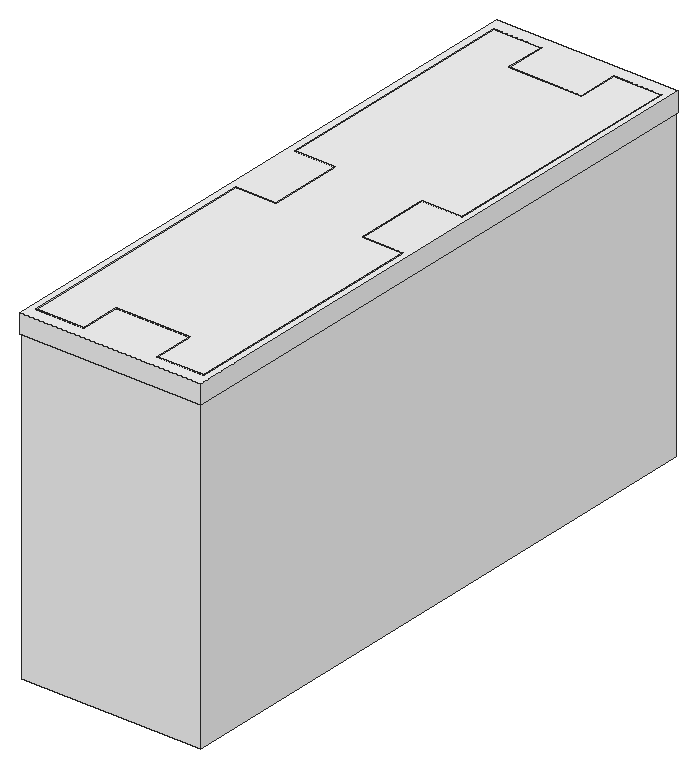
Revit family "NBS_CordekLtd_DschrgeAndVntltngStackTrmntns_GroundLevelVentBox-CGV-021", category Specialty Equipment, Revit 2014
Parameters (values of type "CGV-021")
  Width = 150.00 mm
  Weight = "n/a"
  WarrantyStartDate [instance] = "1900-12-31T23:59:59"
  WarrantyGuarantorParts = "n/a"
  WarrantyGuarantorLabor = "n/a"
  WarrantyDurationUnit = "year"
  WarrantyDurationParts = "n/a"
  WarrantyDurationLabor = "n/a"
  WarrantyDescription = "n/a"
  Version = "1"  # constant formula
  VentBoxMaterial = NBS_Concept
  VentBoxLidMaterial = NBS_Concept_Perforated
  Uniclass2015Version = "Products v1.1"  # constant formula
  Uniclass2015Reference = "Pr_65_52_61_23"
  Uniclass2015Description = "Discharge and ventilating stack terminations"
  Uniclass2 = "90-62-24/422"
  TagNumber [instance] = "n/a"
  SustainabilityPerformance = "n/a"
  Size = "500 x 150 x 275 mm"
  Shape = "Rectangular"
  SerialNumber [instance] = "n/a"
  Revision = "n/a"
  ReplacementCost = "n/a"
  Reference = "n/a"
  ProductInformation = "www.cordek.com/uploads/data_sheets/M-DS32_ground_level_vent_box_data_sheet_v2_cordek.pdf"
  NominalWidth = Width  # 150.00 mm
  NominalLength = Length  # 500.00 mm
  NominalHeight = Height  # 275.00 mm
  Name = "DischargeAndVentilatingStackTerminations_GroundLevelVentBox-CGV-021_CordekLtd"
  NBSTypeID = "n/a"
  NBSReference = "90-10-60/437"
  NBSOfficeMasterTag = "n/a"
  NBSNote = "n/a"
  NBSDescription = "Discharge and ventilating stack terminations"
  NBSCertification = "http://www.nationalbimlibrary.com/cert/swncgm4l"
  ModelReference = "Ground Level Vent Box - CGV-021"
  ModelNumber = "CGV-021"
  Material = "Lid: Galvanized steel"
  ManufacturerURL = "www.cordek.com"
  ManufacturerName = "Cordek Ltd"  # constant formula
  Manufacturer = "info@cordek.com"  # constant formula
  Length = 500.00 mm
  InstallationDate [instance] = "1900-12-31T23:59:59"
  IfcExportType = "NOTDEFINED"  # constant formula
  IfcExportAs = "IfcStackTerminalType"  # constant formula
  Height = 275.00 mm
  Grade = "n/a"
  FreeAirFlow = "5994 mm²"
  Finish = "n/a"
  Features = "Side connection into vent box prevents surface water from entering the gas inlet, base connection to stormwater collection, land drainage or soakaway system, removable mesh over drain outlet to prevent blockage by debris"
  ExpectedLife = "n/a"
  DurationUnit = "year"
  Description = "Ground level vent box with galvanized steel perforated lid"
  Constituents = "n/a"
  ConnectionSizes = "Gas inlet: 110 mm; Water outlet: 110 mm"
  ColourOptions = "n/a"
  Color = "n/a"
  CodePerformance = "n/a"
  Category = "Pr_65_52_61_23:Discharge and ventilating stack terminations"
  BarCode [instance] = "n/a"
  BIMObjectName = "NBS_CordekLtd_DischargeAndVentilatingStackTerminations_GroundLevelVentBox-CGV-021"
  Author = "NBS"  # constant formula
  AssetType = "Fixed"
  AssetIdentifier [instance] = "n/a"
  Arrangement = "Ground level vent box with perforated lid"
  Accessories = "n/a"
  AccessibilityPerformance = "n/a"
Reference planes
  plane 1 "Center (Front/Back)": y = 0
  plane 2: z = 0
  plane 3 "Center (Left/Right)": x = 0
  plane 4: y = -364
  plane 5: z = -110
  plane 6 "Back": y = -504
  plane 7 "Front": y = -4
  plane 8 "Left": x = -75
  plane 9 "Right": x = 75
  plane 10: z = -275
  plane 11: y = -254
Forms (mm)
  Extrusion 1, solid, material "NBS_Concept" <- "VentBoxMaterial"
    sketch origin (0, 0, 0) x (1, 0, 0) y (0, 1, 0)
      loop
        line (-75, -6) -> (-75, -504) -> (75, -504) -> (75, -6) -> (73, -6) -> (73, -502) -> (-73, -502) -> (-73, -6) -> (-75, -6)
    from -275 to -15
  Extrusion 2, solid, material "NBS_Concept" <- "VentBoxMaterial"
    sketch origin (0, 0, 0) x (1, 0, 0) y (0, 1, 0)
      loop
        line (-73, -6) -> (-73, -502) -> (73, -502) -> (73, -6) -> (-73, -6)
      loop
        circle (0, -364) r 52.5
    from -275 to -273
  Revolve 3, solid, material "NBS_Concept" <- "VentBoxMaterial", detail levels fine
    sketch origin (0, 0, 0) x (0, 1, 0) y (0, 0, 1)
      loop
        line (-309, -275) -> (-311.5, -275) -> (-311.5, -279) -> (-309, -279) -> (-309, -275)
      axis (-364, -275) -> (-364, -279)
    angle from 0 to 360
  Revolve 4, solid, material "NBS_Concept" <- "VentBoxMaterial", detail levels fine
    sketch origin (0, 0, 0) x (0, 1, 0) y (0, 0, 1)
      loop
        line (0, -55) -> (-4, -55) -> (-4, -57.5) -> (0, -57.5) -> (0, -55)
      axis (-4, -110) -> (0, -110)
    angle from 0 to 360
  Extrusion 5, solid, material "NBS_Concept" <- "VentBoxMaterial"
    sketch origin (0, 0, 0) x (1, 0, 0) y (0, 0, 1)
      loop
        line (-75, -15) -> (-75, -275) -> (75, -275) -> (75, -15) -> (-75, -15)
      loop
        circle (0, -110) r 52.5
    from 4 to 6
  Extrusion 6, solid, material "NBS_Concept" <- "VentBoxMaterial", detail levels fine
    sketch origin (0, 0, 0) x (1, 0, 0) y (0, 1, 0)
      loop
        line (-76, -3) -> (-76, -505) -> (76, -505) -> (76, -3) -> (-76, -3)
      loop
        line (75, -504) -> (75, -4) -> (-75, -4) -> (-75, -504) -> (75, -504)
    from 0 to -15
  Extrusion 7, solid, material "NBS_Concept" <- "VentBoxMaterial", detail levels coarse+medium
    sketch origin (0, 0, 0) x (1, 0, 0) y (0, 1, 0)
      loop
        line (-76, -3) -> (-76, -505) -> (76, -505) -> (76, -3) -> (-76, -3)
    from -15 to 1
  Extrusion 8, solid, material "NBS_Concept_Perforated" <- "VentBoxLidMaterial", detail levels fine
    sketch origin (0.513, 0, 0) x (1, 0, 0) y (0, 1, 0)
      loop
        line (-71.013, -13) -> (-71.013, -223) -> (-37.013, -223) -> (-37.013, -285) -> (-71.013, -285) -> (-71.013, -495) -> (-31.013, -495) -> (-31.013, -461) -> (30.987, -461) -> (30.987, -495) -> (69.987, -495) -> (69.987, -285) -> (35.987, -285) -> (35.987, -223) -> (69.987, -223) -> (69.987, -13) -> (29.987, -13) -> (29.987, -47) -> (-31.013, -47) -> (-31.013, -13) -> (-71.013, -13)
    from 0 to 1
  Extrusion 9, solid, material "NBS_Concept" <- "VentBoxMaterial", detail levels fine
    sketch origin (0, 0, 0) x (1, 0, 0) y (0, 1, 0)
      loop
        line (-76, -3) -> (-76, -505) -> (76, -505) -> (76, -3) -> (-76, -3)
      loop
        line (-30.5, -461) -> (31.5, -461) -> (31.5, -495) -> (70.5, -495) -> (70.5, -285) -> (36.5, -285) -> (36.5, -223) -> (70.5, -223) -> (70.5, -13) -> (30.5, -13) -> (30.5, -47) -> (-30.5, -47) -> (-30.5, -13) -> (-70.5, -13) -> (-70.5, -223) -> (-36.5, -223) -> (-36.5, -285) -> (-70.5, -285) -> (-70.5, -495) -> (-30.5, -495) -> (-30.5, -461)
    from 0 to 1
  Extrusion 10, void
    sketch origin (0, 0, 0) x (1, 0, 0) y (0, 1, 0)
      loop
        line (-76, 0) -> (-76, -505) -> (76, -505) -> (76, 0) -> (-76, 0)
    from 0 to -279
Cuts and joins
  joined: Extrusion 1, Extrusion 2, Extrusion 5
  joined: Extrusion 6, Extrusion 9
Lines and regions (mm)
  model lines, detail levels coarse+medium
    curve 1: line (70.5, -495, 1) -> (-70.5, -495, 1)
    curve 2: line (70.5, -13, 1) -> (70.5, -495, 1)
    curve 3: line (-70.5, -13, 1) -> (70.5, -13, 1)
    curve 4: line (-70.5, -495, 1) -> (-70.5, -13, 1)
Dimensions and locks
  locked: plane 7 "Front" to plane 1 "Center (Front/Back)" at 4
  "Length": plane 6 "Back" to plane 7 "Front"
  equal spacing: plane 8 "Left", plane 3 "Center (Left/Right)", plane 9 "Right"
  "Width": plane 8 "Left" to plane 9 "Right"
  locked: level to plane 5 at 110
  "Height": level to plane 10
  locked: plane 6 "Back" to plane 4 at 140
  locked: plane 8 "Left" to Extrusion 1 sketch curve at 2
  locked: Extrusion 1 sketch curve to plane 9 "Right" at 2
  locked: plane 6 "Back" to Extrusion 1 sketch curve at 2
  locked: Extrusion 1 sketch curve to plane 7 "Front" at 2  (x2)
  equal spacing: plane 6 "Back", plane 11, plane 7 "Front"
  aligned and locked: level to plane 2
  aligned and locked: plane 4 to Revolve 3 sketch curve
  aligned and locked: plane 5 to Revolve 4 sketch curve
  aligned and locked: plane 3 "Center (Left/Right)" to Extrusion 2 sketch curve
  aligned and locked: plane 4 to Extrusion 2 sketch curve
  aligned and locked: plane 3 "Center (Left/Right)" to Extrusion 5 sketch curve
  aligned and locked: plane 5 to Extrusion 5 sketch curve
  aligned and locked: Extrusion 5 to Extrusion 1
  aligned and locked: Extrusion 8 to level
  aligned and locked: Extrusion 9 to level
  aligned and locked: Extrusion 10 sketch curve to cut or joined group of Extrusion 6, Extrusion 9  (x3)
  aligned and locked: plane 1 "Center (Front/Back)" to Extrusion 10 sketch curve
  aligned and locked: Extrusion 10 to level
  aligned and locked: Extrusion 10 to Revolve 3
Automatic sketch dimensions
  Extrusion 1 sketch curve to plane 8 "Left" = 0.00 mm
  plane 6 "Back" to Extrusion 1 sketch curve = 0.00 mm
  Extrusion 1 sketch curve to plane 9 "Right" = 0.00 mm
  Extrusion 2 sketch curve to plane 8 "Left" = 2.00 mm
  plane 9 "Right" to Extrusion 2 sketch curve = 2.00 mm
  Extrusion 2 sketch curve to plane 6 "Back" = 2.00 mm
  plane 7 "Front" to Extrusion 2 sketch curve = 2.00 mm
  plane 10 to Revolve 3 sketch curve = 0.00 mm
  plane 4 to Revolve 3 sketch curve = 52.50 mm
  Revolve 3 sketch curve to Revolve 3 sketch curve = 2.50 mm
  Revolve 3 sketch curve to Revolve 3 sketch curve = 4.00 mm
  plane 10 to Revolve 3 sketch curve = 52.00 mm
  Revolve 3 sketch curve to plane 10 = 2.00 mm
  Revolve 4 sketch curve to plane 7 "Front" = 0.00 mm
  Revolve 4 sketch curve to plane 1 "Center (Front/Back)" = 0.00 mm
  plane 5 to Revolve 4 sketch curve = 52.50 mm
  Revolve 4 sketch curve to Revolve 4 sketch curve = 2.50 mm
  plane 7 "Front" to Revolve 4 sketch curve = 2.00 mm
  Revolve 4 sketch curve to plane 1 "Center (Front/Back)" = 96.00 mm
  plane 8 "Left" to Extrusion 5 sketch curve = 0.00 mm
  Extrusion 5 sketch curve to level = 15.00 mm
  plane 9 "Right" to Extrusion 5 sketch curve = 0.00 mm
  Extrusion 5 sketch curve to plane 10 = 0.00 mm
  plane 7 "Front" to Extrusion 6 sketch curve = 0.00 mm
  Extrusion 6 sketch curve to plane 8 "Left" = 0.00 mm
  Extrusion 6 sketch curve to plane 9 "Right" = 0.00 mm
  plane 6 "Back" to Extrusion 6 sketch curve = 0.00 mm
  plane 8 "Left" to Extrusion 6 sketch curve = 1.00 mm
  Extrusion 6 sketch curve to plane 9 "Right" = 1.00 mm
  plane 6 "Back" to Extrusion 6 sketch curve = 1.00 mm
  Extrusion 6 sketch curve to plane 7 "Front" = 1.00 mm
  plane 8 "Left" to Extrusion 7 sketch curve = 1.00 mm
  Extrusion 7 sketch curve to plane 9 "Right" = 1.00 mm
  plane 6 "Back" to Extrusion 7 sketch curve = 1.00 mm
  Extrusion 7 sketch curve to plane 7 "Front" = 1.00 mm
  Extrusion 8 sketch curve to plane 8 "Left" = 4.50 mm  (x2)
  Extrusion 8 sketch curve to Extrusion 8 sketch curve = 34.00 mm  (x3)
  plane 7 "Front" to Extrusion 8 sketch curve = 9.00 mm  (x2)
  Extrusion 8 sketch curve to plane 3 "Center (Left/Right)" = 30.50 mm  (x2)
  Extrusion 8 sketch curve to plane 6 "Back" = 9.00 mm  (x2)
  plane 3 "Center (Left/Right)" to Extrusion 8 sketch curve = 31.50 mm
  plane 3 "Center (Left/Right)" to Extrusion 8 sketch curve = 30.50 mm
  plane 3 "Center (Left/Right)" to Extrusion 8 sketch curve = 36.50 mm
  plane 9 "Right" to Extrusion 8 sketch curve = 4.50 mm  (x2)
  plane 4 to Extrusion 8 sketch curve = 79.00 mm
  Extrusion 8 sketch curve to Extrusion 8 sketch curve = 0.00 mm
  Extrusion 8 sketch curve to Extrusion 8 sketch curve = 62.00 mm  (x2)
  plane 8 "Left" to Extrusion 9 sketch curve = 1.00 mm
  Extrusion 9 sketch curve to plane 9 "Right" = 1.00 mm
  plane 6 "Back" to Extrusion 9 sketch curve = 1.00 mm
  Extrusion 9 sketch curve to plane 7 "Front" = 1.00 mm
  Extrusion 9 sketch curve to plane 8 "Left" = 4.50 mm  (x2)
  Extrusion 9 sketch curve to Extrusion 9 sketch curve = 34.00 mm  (x3)
  Extrusion 9 sketch curve to plane 6 "Back" = 9.00 mm  (x2)
  Extrusion 9 sketch curve to plane 3 "Center (Left/Right)" = 30.50 mm  (x2)
  plane 7 "Front" to Extrusion 9 sketch curve = 9.00 mm  (x2)
  plane 3 "Center (Left/Right)" to Extrusion 9 sketch curve = 30.50 mm
  plane 3 "Center (Left/Right)" to Extrusion 9 sketch curve = 31.50 mm
  plane 3 "Center (Left/Right)" to Extrusion 9 sketch curve = 36.50 mm
  plane 9 "Right" to Extrusion 9 sketch curve = 4.50 mm  (x2)
  plane 4 to Extrusion 9 sketch curve = 79.00 mm
  Extrusion 9 sketch curve to Extrusion 9 sketch curve = 0.00 mm
  Extrusion 9 sketch curve to Extrusion 9 sketch curve = 62.00 mm  (x2)
  curve 1 to Extrusion 9 = 0.00 mm  (x2)
  Extrusion 9 to curve 3 = 0.00 mm
  curve 3 to Extrusion 9 = 0.00 mm
  radius of Extrusion 2 sketch curve = 52.50 mm
  radius of Extrusion 5 sketch curve = 52.50 mm
Connectors
  piping at (0, -364, -275), diameter 110
    settings: on cut or joined group of Extrusion 1, Extrusion 2, Extrusion 5, index 1, connector inside diameter 609.6 mm, connector length 0.00 mm, flow factor 0, pipe flow 0.0 L/s, pressure drop 0.0 Pa, fitting loss kfactor 0, connector angle 0.00°, fixture units 0, engagement length 0.00 mm, angle of deflection 0.00°, flow configuration 0, flow direction 2, fitting loss method 0, system type 17, joint type 0, gender type 0, connector reference index -1, connector utility 0, adjustable connector no, is connector primary yes, connector description ""
  piping at (0, -4, -110), diameter 110
    settings: on cut or joined group of Extrusion 1, Extrusion 2, Extrusion 5, index 2, connector inside diameter 609.6 mm, connector length 0.00 mm, flow factor 0, pipe flow 0.0 L/s, pressure drop 0.0 Pa, fitting loss kfactor 0, connector angle 0.00°, fixture units 0, engagement length 0.00 mm, angle of deflection 0.00°, flow configuration 0, flow direction 1, fitting loss method 0, system type 17, joint type 0, gender type 0, connector reference index -1, connector utility 0, adjustable connector no, is connector primary no, connector description ""
